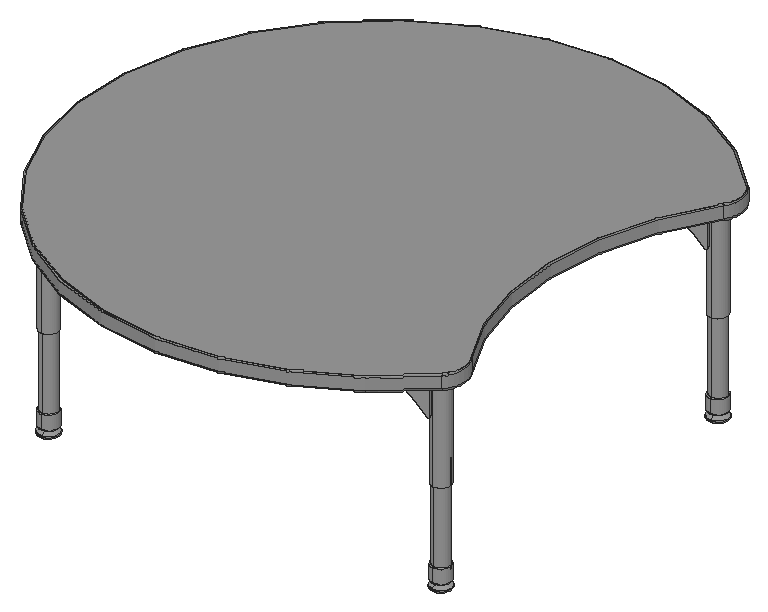
Revit family "Hierarchy Bite Table - Youth Height", category Furniture, Revit 2018
Family settings
  Work Plane-Based = No
  Always vertical = Yes
  Cut with Voids When Loaded = No
  Shared = No
  Room Calculation Point = No
Parameters
  Table Height = 1' - 4"
  Surface = Hierarchy Bite Table Youth Surface
  Leg Finish = Hierarchy Leg Platinum
  Edgeband = Hierarchy Bite Table Youth Edgeband
  Caster/Glide = Hierarchy Youth Leg - Glide : Hierarchy Youth Leg - Glide
Reference planes (in)
  plane 1 "Center (Front/Back)": y = 0
  plane 2: z = 0
  plane 3 "Center (Left/Right)": x = 0
  plane 4: z = 16
Dimensions and locks (in)
  "Table Height": plane 4 to level
  aligned and locked: plane 2 to level
  aligned and locked: nested 3 to plane 4
Nested families (in)
  nested 1: "Hierarchy Youth Leg - Glide" at (-16.659, -14.5495, 0) x (-0.0767, 0.9971, 0) z (0, 0, 1), type <- "Caster/Glide", Leg Finish <- "Leg Finish", Leg Height <- "Table Height", type "Hierarchy Youth Leg - Glide"
    with Leg Height 1' - 4", Leg Finish Hierarchy Leg Platinum
  nested 2: "Hierarchy Youth Leg - Glide" at (16.41904, -14.5495, 0) x (-0.0767, -0.9971, 0) z (0, 0, 1), Leg Finish <- "Leg Finish", Leg Height <- "Table Height", type "Hierarchy Youth Leg - Glide"
    with Leg Height 1' - 4", Leg Finish Hierarchy Leg Platinum
  nested 3: "Hierarchy Bite Tabletop" at (0, 0, -7.925), type "Hierarchy Bite Tabletop"
  nested 4: "Hierarchy Youth Leg - Glide" at (-16.659, 14.61915, 0) x (-0.0767, -0.9971, 0) z (0, 0, 1), type <- "Caster/Glide", Leg Finish <- "Leg Finish", Leg Height <- "Table Height", type "Hierarchy Youth Leg - Glide"
    with Leg Height 1' - 4", Leg Finish Hierarchy Leg Platinum
  nested 5: "Hierarchy Youth Leg - Glide" at (16.41904, 14.61915, 0) x (-0.0767, 0.9971, 0) z (0, 0, 1), Leg Finish <- "Leg Finish", Leg Height <- "Table Height", type "Hierarchy Youth Leg - Glide"
    with Leg Height 1' - 4", Leg Finish Hierarchy Leg Platinum
Definition of nested family "Hierarchy Youth Leg - Glide"
  Parameters (values of type "Hierarchy Youth Leg - Glide")
    Leg Finish [instance] = none
    Leg Height [instance] = 1' - 4.80117"
  Reference planes (in)
    plane 1 "Center (Front/Back)": y = 0
    plane 2: z = 0
    plane 3 "Center (Left/Right)": x = 0
  Forms (in)
    Extrusion 1, solid
      sketch origin (-0.01562, 0, 0) x (1, 0, 0) y (0, 1, 0)
        loop
          circle (0.01563, 0) r 0.67016
      from 0.67618 to 10.55018
    Revolve 2, solid
      sketch origin (0, 0, 0) x (1, 0, 0) y (0, 0, 1)
        loop
          line (-0.73189, 1.80118) -> (-0.79439, 1.73867) -> (-0.79439, 0.61381) -> (-0.73176, 0.55118) -> (-0.125, 0.55118) -> (-0.125, 0.42618) -> (-0.84656, 0.16241) -> (-0.84656, 0.08994) -> (-0.81359, 0) -> (0, 0) -> (0, 1.80118) -> (-0.73189, 1.80118)
        axis (0, 1.80118) -> (0, 0)
      angle from 0 to 360
  Dimensions and locks (in)
    "Leg Height": nested 1 to level  (x2)
    aligned and locked: plane 2 to level
  Automatic sketch dimensions
    plane 1 "Center (Front/Back)" to Extrusion 1 sketch curve = 0' - 0"
    Extrusion 1 sketch curve to plane 3 "Center (Left/Right)" = 0' - 0"
    Revolve 2 sketch curve to level = 0' - 0"
    Revolve 2 sketch curve to plane 3 "Center (Left/Right)" = 0' - 0"  (x2)
    Revolve 2 sketch curve to plane 3 "Center (Left/Right)" = 0' - 0 1/8"
    Revolve 2 sketch curve to Revolve 2 sketch curve = 0' - 0.60676"
    Revolve 2 sketch curve to Revolve 2 sketch curve = 0' - 0.73189"
    Revolve 2 sketch curve to Revolve 2 sketch curve = 0' - 0.06263"  (x2)
    Revolve 2 sketch curve to Revolve 2 sketch curve = 0' - 0.08183"
    Revolve 2 sketch curve to Revolve 2 sketch curve = 0' - 0.03297"
    level to Revolve 2 sketch curve = 0' - 0.08994"
    Revolve 2 sketch curve to Revolve 2 sketch curve = 0' - 0.07247"
    level to Revolve 2 sketch curve = 0' - 0.42618"
    Revolve 2 sketch curve to Revolve 2 sketch curve = 0' - 0 1/8"
    Revolve 2 sketch curve to Revolve 2 sketch curve = 0' - 1.12486"
    Revolve 2 sketch curve to Revolve 2 sketch curve = 0' - 0 1/16"
    Revolve 2 sketch curve to level = 2' - 0"
    Revolve 2 sketch curve to Revolve 2 sketch curve = 8' - 4.91764"
    radius of Extrusion 1 sketch curve = 0' - 0.67016"
  Nested families (in)
    nested 1: "Hierarchy Youth Upper Leg 2023" at (0, 0, 0), Leg Finish <- "Leg Finish", type "Hierarchy Youth Upper Leg 2023"
      with Leg Finish none
  Definition of nested family "Hierarchy Youth Upper Leg 2023"
    Parameters (values of type "Hierarchy Youth Upper Leg 2023")
      Leg Finish [instance] = none
    Reference planes (in)
      plane 1 "Center (Front/Back)": y = 0
      plane 2: z = 0
      plane 3 "Center (Left/Right)": x = 0
    Forms (in)
      Extrusion 1, solid, material <- "Leg Finish"
        sketch origin (0, 0, -11.001) x (1, 0, 0) y (0, 1, 0)
          loop
            circle (0, 0) r 0.75
        from 19.67618 to 27.67618
      Extrusion 2, solid, material <- "Leg Finish"
        sketch origin (0, 0, -11.001) x (1, 0, 0) y (0, 1, 0)
          loop
            line (-1.70174, 0.19183) -> (-2.88626, -2.26116)
            arc (-2.88626, -2.26116) -> (-2.83993, -3.09822) -> (-2.1063, -3.50394) r 0.86614
            line (-2.1063, -3.50394) -> (2.1063, -3.50394)
            arc (2.1063, -3.50394) -> (2.83993, -3.09822) -> (2.88626, -2.26116) r 0.86614
            line (2.88626, -2.26116) -> (1.70174, 0.19183)
            arc (1.70174, 0.19183) -> (0, 1.25984) -> (-1.70174, 0.19183) r 1.88976
        from 27.67618 to 27.80217
      Extrusion 3, solid, material <- "Leg Finish"
        sketch origin (-1.48519, 8.66524, -11.001) x (-0.434844, 0.900506, 0) y (0, 0, 1)
          loop
            line (-9.01425, 27.67618) -> (-11.80952, 27.67618)
            arc (-11.80952, 27.67618) -> (-11.92325, 27.58993) -> (-11.87088, 27.45715) r 0.11811
            arc (-11.87088, 27.45715) -> (-10.39364, 26.29679) -> (-9.23328, 24.81955) r 7.87402
            arc (-9.23328, 24.81955) -> (-9.1005, 24.76717) -> (-9.01425, 24.88091) r 0.11811
            line (-9.01425, 24.88091) -> (-9.01425, 27.67618)
        from -1.94075 to -1.81476
      Extrusion 4, solid, material <- "Leg Finish"
        sketch origin (1.48519, 8.66524, -11.001) x (0.434844, 0.900506, 0) y (0, 0, -1)
          loop
            line (-9.01425, -27.67618) -> (-9.01425, -24.88091)
            arc (-9.01425, -24.88091) -> (-9.1005, -24.76717) -> (-9.23328, -24.81955) r 0.11811
            arc (-9.23328, -24.81955) -> (-10.39364, -26.29679) -> (-11.87088, -27.45715) r 7.87402
            arc (-11.87088, -27.45715) -> (-11.92325, -27.58993) -> (-11.80952, -27.67618) r 0.11811
            line (-11.80952, -27.67618) -> (-9.01425, -27.67618)
        from -1.94075 to -1.81476
    Dimensions and locks (in)
      aligned and locked: plane 2 to level
Definition of nested family "Hierarchy Bite Tabletop"
  Parameters (values of type "Hierarchy Bite Tabletop")
    Surface = none
    Edgeband = none
  Reference planes (in)
    plane 1 "Center (Front/Back)": y = 0
    plane 2: z = 0
    plane 3 "Center (Left/Right)": x = 0
  Forms (in)
    Extrusion 1, solid, material <- "Surface"
      sketch origin (0, 0, 0) x (1, 0, 0) y (0, 1, 0)
        loop
          arc (17.68208, 16.07729) -> (-23.89844, 0) -> (17.68208, -16.07729) r 23.89844
          arc (17.68208, -16.07729) -> (18.26673, -14.72235) -> (17.89633, -13.2939) r 2.27344
          arc (17.89633, -13.2939) -> (13.89844, 0) -> (17.89633, 13.2939) r 24.10156
          arc (17.89633, 13.2939) -> (18.26673, 14.72235) -> (17.68208, 16.07729) r 2.27344
      from 23.925 to 25.125
    Sweep 2, solid, material <- "Edgeband"
      path origin (0, 0, 0) x (1, 0, 0) y (0, 1, 0)
        loop
          arc (17.68208, 16.07729) -> (-23.89844, 0) -> (17.68208, -16.07729) r 23.89844
          arc (17.68208, -16.07729) -> (18.26673, -14.72235) -> (17.89633, -13.2939) r 2.27344
          arc (17.89633, -13.2939) -> (13.89844, 0) -> (17.89633, 13.2939) r 24.10156
          arc (17.89633, 13.2939) -> (18.26673, 14.72235) -> (17.68208, 16.07729) r 2.27344
      profile origin (-23.89844, 0, 0) x (1, 0, 0) y (0, 0, 1)
        loop
          arc (0, 25.125) -> (-0.07071, 25.09571) -> (-0.1, 25.025) r 0.1
          line (-0.1, 25.025) -> (-0.1, 24.025)
          arc (-0.1, 24.025) -> (-0.07071, 23.95429) -> (0, 23.925) r 0.1
          line (0, 23.925) -> (0, 25.125)
  Dimensions and locks (in)
    aligned and locked: plane 2 to level
